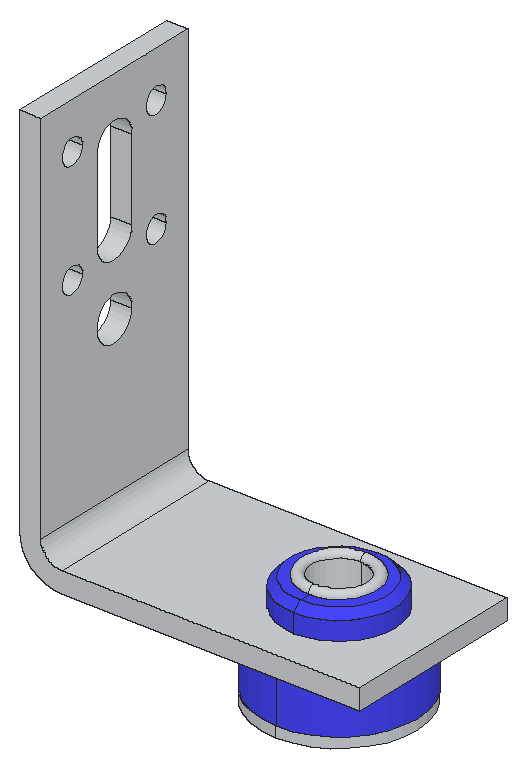
Revit family "Kanalhalter SD-LSN", category HLS-Bauteile, Revit 2017
Family settings
  Bemaßung runder Anschluss = Durchmesser verwenden
  Teiletyp = Normal
  Arbeitsebenenbasiert = Ja
  Immer vertikal = Nein
  Beim Laden mit Abzugskörper schneiden = Nein
  Gemeinsam genutzt = Ja
  Raumberechnungspunkt = Nein
Parameters
  vpe = "50 St"
  max. zul. Last stehend = 0.00 kN
  max. zul. Last hängend = 0.80 kN
  max. Temperaturbeständigkeit = "100 °C"
  Default Elevation = 1219.2 mm
  Stärke Material = 5 mm
  Schalldämmeinlage = "Gummi SBR"
  Regelhalter [instance] = ""
  Mengeneinheit = "St"
  Länge = 65 mm
  Kurztext2 = "Höhe 80 mm Gummi genietet"
  Kurztext1 = "Kanalhalter LSK (Steigkanal)"
  Höhe = "80 mm"
  Gewicht pro Bauteil = Gewicht  # 0.169 kg
  Gewicht = 0.169 kg
  Firma = "MEFA Befestigungs- und Montagesysteme GmbH"
  Fabrikat = "MEFA"
  EAN = "4250928446992"
  Dämmelementtyp = "genietet"
  Breite Material = "35 mm"
  Bauart = "L"
  Ausführung = "schwer"
  Artikelnummer = "9998376"
  Anschluss = "M8/M10"
Reference planes
  plane 1 "Mitte (Vorne/hinten)": y = 0
  plane 2: z = 0
  plane 3 "Mitte (Links/rechts)": x = 0
Dimensions and locks
  aligned and locked: level to plane 2
  aligned and locked: level to nested 2
  aligned and locked: plane 3 "Mitte (Links/rechts)" to nested 5
  aligned and locked: nested 5 to level
Nested families
  nested 1: "Unterlegscheibe f. Kanalhalter" at (46.959, 0, -5.319) x (0, 1, 0) z (0, 0, -1), type "Unterlegscheibe 12x20x1,5"
  nested 2: "Gummipuffer für SD" at (47, 0, -10) x (0, -1, 0) z (1, 0, 0), type "Gummipuffer für SD"
  nested 3: "Unterlegscheibe f. Kanalhalter" at (46.959, 0, -10) x (0, 1, 0) z (0, 0, -1), type "Unterlegscheibe 12x30x2,0"
  nested 4: "Rohrniete DIN 7340" at (46.959, 0, -2.042) x (0, 1, 0) z (1, 0, 0), type "Rohrniete DIN 7340 11,5 (0009904) lang"
  nested 5: "Kanalhalter SD-LSK" at (0, 0, 0), type "MEFA Kanalhalterwinkel LSN L= 80"
Definition of nested family "Unterlegscheibe f. Kanalhalter"
  Parameters (values of type "Unterlegscheibe 10,5x25x2,0")
    Default Elevation = 1219.2 mm
    Regelhalter [instance] = ""
    Länge = 2 mm
    Firma = "MEFA Befestigungs- und Montagesysteme GmbH"
    D0 = 10.5 mm
    D = 25 mm
    Artikelnummer = ""
  Types (3, lengths in mm): name | Länge | D0 | D
    Unterlegscheibe 10,5x25x2,0 | 2 | 10.5 | 25
    Unterlegscheibe 12x30x2,0 | 2 | 12 | 30
    Unterlegscheibe 12x20x1,5 | 1.5 | 12 | 20
  Reference planes
    plane 1 "Mitte (Vorne/hinten)": y = 0
    plane 2: z = 0
    plane 3 "Mitte (Links/rechts)": x = 0
    plane 4: z = 2
  Forms (mm)
    Extrusion 1, solid
      sketch origin (0, 0, 0) x (1, 0, 0) y (0, 1, 0)
        loop
          circle (0, 0) r 12.5
      from 0 to 2
    Extrusion 2, void
      sketch origin (0, 0, 0) x (1, 0, 0) y (0, 1, 0)
        loop
          circle (0, 0) r 5.25
      from 0 to 2
  Cuts and joins
    Extrusion 2 cuts Extrusion 1
  Lines and regions (mm)
    model lines, not visible
      curve 1: line (9.299, 0, 2) -> (-10.701, 0, 2)
      curve 2: line (0, 15.717, 2) -> (0, -4.283, 2)
      curve 3: line (0, 10.717, 0) -> (0, -9.283, 0)
      curve 4: line (6.799, 0, 0) -> (-13.201, 0, 0)
      curve 5: line (0, 0, 69.337) -> (0, 0, -112.663)
  Dimensions and locks
    "Länge": level to plane 4
    "D": diameter of Extrusion 1 sketch curve
    "D0": diameter of Extrusion 2 sketch curve
    aligned and locked: level to plane 2
    aligned and locked: Extrusion 1 to level
    aligned and locked: Extrusion 1 to curve 1
    aligned and locked: plane 4 to Extrusion 1
    aligned and locked: curve 2 to plane 4
    aligned and locked: curve 3 to level
    aligned and locked: curve 4 to level
    aligned and locked: plane 3 "Mitte (Links/rechts)" to curve 5
    aligned and locked: curve 5 to plane 1 "Mitte (Vorne/hinten)"
    aligned and locked: Extrusion 1 to Extrusion 2
    aligned and locked: Extrusion 2 to level
  Automatic sketch dimensions
    plane 1 "Mitte (Vorne/hinten)" to curve 2 = 4.283 mm
    plane 1 "Mitte (Vorne/hinten)" to curve 3 = 9.283 mm
    curve 3 to plane 1 "Mitte (Vorne/hinten)" = 10.717 mm
    curve 2 to plane 1 "Mitte (Vorne/hinten)" = 15.717 mm
    curve 4 to plane 3 "Mitte (Links/rechts)" = 13.201 mm
    curve 1 to plane 3 "Mitte (Links/rechts)" = 10.701 mm
    plane 3 "Mitte (Links/rechts)" to curve 4 = 6.799 mm
    plane 3 "Mitte (Links/rechts)" to curve 1 = 9.299 mm
    curve 5 to level = 112.663 mm
    plane 4 to curve 5 = 67.337 mm
    plane 1 "Mitte (Vorne/hinten)" to Extrusion 1 sketch curve = 0 mm
    Extrusion 1 sketch curve to plane 3 "Mitte (Links/rechts)" = 0 mm
    plane 1 "Mitte (Vorne/hinten)" to Extrusion 2 sketch curve = 0 mm
    Extrusion 2 sketch curve to plane 3 "Mitte (Links/rechts)" = 0 mm
Definition of nested family "Gummipuffer für SD"
  Parameters (values of type "Gummipuffer für SD")
    Default Elevation = 1219.2 mm
    Regelhalter [instance] = ""
  Reference planes
    plane 1 "Mitte (Vorne/hinten)": y = 0
    plane 2: z = 0
    plane 3 "Mitte (Links/rechts)": x = 0
  Forms (mm)
    Revolve 1, solid
      sketch origin (0, 0, 0) x (1, 0, 0) y (0, 1, 0)
        loop
          line (-12, 0) -> (-12, 3) -> (-6, 3) -> (-6, 19) -> (-9.25, 19) -> (-10.75, 17.5) -> (-10.75, 14) -> (-8.5, 14) -> (-8.5, 10) -> (-15, 10) -> (-15, 0) -> (-12, 0)
        axis (0, 0) -> (0, 19)
      angle from 0 to 360
  Dimensions and locks
    aligned and locked: level to plane 2
Definition of nested family "Rohrniete DIN 7340"
  Parameters (values of type "Rohrniete DIN 7340 11,5 (0009904) lang")
    Default Elevation = 1219.2 mm
    Regelhalter [instance] = ""
    Firma = "MEFA Befestigungs- und Montagesysteme GmbH"
    D = 5.75 mm
  Types (3, lengths in mm): name | D
    Rohrniete DIN 7340 11,5 (0009904) | 5.75
    Rohrniete DIN 7340 10 (0009903) | 5
    Rohrniete DIN 7340 11,5 (0009904) lang | 5.75
  Reference planes
    plane 1 "Mitte (Vorne/hinten)": y = 0
    plane 2: z = 0
    plane 3 "Mitte (Links/rechts)": x = 0
  Forms (mm)
    Revolve 1, solid
      sketch origin (0, 0, 0) x (1, 0, 0) y (0, 1, 0)
        loop
          line (-5.75, 11.25) -> (-5.75, -11.25) -> (-7.25, -11.25)
          arc (-7.25, -11.25) -> (-6.227, -12.273) -> (-5.204, -11.25) r 1.023
          line (-5.204, -11.25) -> (-5.204, 11.25)
          arc (-5.204, 11.25) -> (-6.204, 12.25) -> (-7.204, 11.25) r 1
          line (-7.204, 11.25) -> (-5.75, 11.25)
        axis (0, 11.25) -> (0, -11.25)
      angle from 0 to 360
  Dimensions and locks
    "D": Revolve 1 sketch curve to Revolve 1 sketch curve
    aligned and locked: level to plane 2
  Automatic sketch dimensions
    Revolve 1 sketch curve to plane 3 "Mitte (Links/rechts)" = 0 mm
    Revolve 1 sketch curve to Revolve 1 sketch curve = 0.454 mm
    Revolve 1 sketch curve to Revolve 1 sketch curve = 0.477 mm
    Revolve 1 sketch curve to Revolve 1 sketch curve = 1 mm
    plane 1 "Mitte (Vorne/hinten)" to Revolve 1 sketch curve = 11.25 mm
    Revolve 1 sketch curve to plane 1 "Mitte (Vorne/hinten)" = 11.25 mm
    Revolve 1 sketch curve to Revolve 1 sketch curve = 1.326 mm
    Revolve 1 sketch curve to Revolve 1 sketch curve = 1.174 mm
Definition of nested family "Kanalhalter SD-LSK"
  Parameters (values of type "MEFA Kanalhalterwinkel LSN L= 80")
    Default Elevation = 1219.2 mm
    Regelhalter [instance] = ""
    Firma = "MEFA Befestigungs- und Montagesysteme GmbH"
  Reference planes
    plane 1 "Mitte (Vorne/hinten)": y = 0
    plane 2: z = 0
    plane 3 "Mitte (Links/rechts)": x = 0
  Forms (mm)
    Extrusion 1, solid
      sketch origin (0, 0, 0) x (1, 0, 0) y (0, 0, 1)
        loop
          arc (0, 8) -> (2.343, 2.343) -> (8, 0) r 8
          line (8, 0) -> (65, 0) -> (65, 4) -> (8, 4)
          arc (8, 4) -> (5.172, 5.172) -> (4, 8) r 4
          line (4, 8) -> (4, 80) -> (0, 80) -> (0, 8)
      from -17.5 to 17.5
    Extrusion 2, void
      sketch origin (0, 0, 0) x (0, 1, 0) y (0, 0, 1)
        loop
          circle (10, 71) r 2.5
        loop
          circle (10, 49) r 2.5
        loop
          circle (-10, 71) r 2.5
        loop
          circle (-10, 49) r 2.5
        loop
          circle (0, 38) r 4.25
        loop
          arc (4.25, 67.75) -> (0, 72) -> (-4.25, 67.75) r 4.25
          line (-4.25, 67.75) -> (-4.25, 52.25)
          arc (-4.25, 52.25) -> (0, 48) -> (4.25, 52.25) r 4.25
          line (4.25, 52.25) -> (4.25, 67.75)
      from 0 to 10
    Extrusion 3, void
      sketch origin (21.923, 0, 0) x (1, 0, 0) y (0, 1, 0)
        loop
          circle (23, 0) r 9
      from 0 to 10
  Cuts and joins
    Extrusion 2, Extrusion 3 cuts Extrusion 1
  Dimensions and locks
    aligned and locked: level to plane 2
